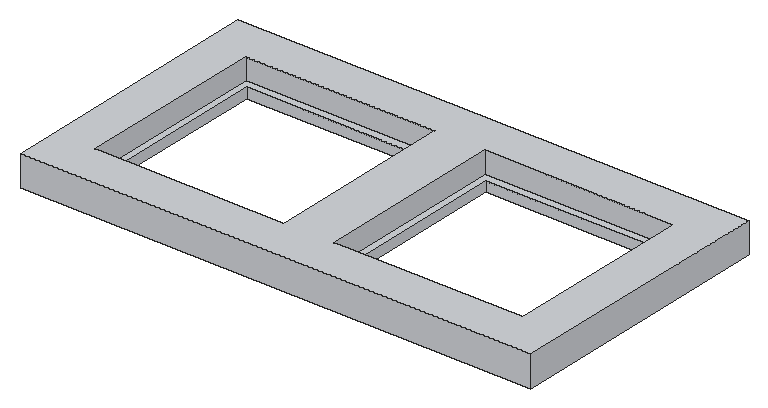
Revit family "Gira_021233", category Electrical Fixtures, host Face, Revit 2017
Family settings
  Host = Face
  Maintain Annotation Orientation = No
  Round Connector Dimension = Use Diameter
  Part Type = Normal
  Cut with Voids When Loaded = No
  Shared = No
  Room Calculation Point = No
Parameters (values of type "Cov.fr. 2-g Gira E2 stainl.steel")
  With mounting grid = "No"
  With hinged lid = "No"
  URL = "http://katalog.gira.de/en/datenblatt.html?artikelnr=021233"
  Type of fastening = "Clamp mounting"
  Transparent = "No"
  Surface protection = "Other"
  Suitable for wall duct = "No"
  Suitable for flush-mounted installation = "Yes"
  Suitable for floor box = "No"
  Suitable for built-in installation = "No"
  Number of units vertical = "2"
  Number of units horizontal = "2"
  Number of units = "2"
  Name = "Cov.fr. 2-g Gira E2 stainl.steel"
  Mounting direction = "Horizontal and vertical"
  Material quality = "Stainless steel"
  Material = "Metal"
  Manufacturer URL = "https://www.gira.de/"
  Manufacturer = "Gira"
  Label space/information surface = "No"
  Keynote = ""
  HeinzeBIM = "https://bimportal.heinze.de/bim/cov-fr-2-g-gira-e2-stainl-steel/f054c548d74bee6bb2a8a980224978280801ec39"
  Halogen free = "No"
  HAN = "021233"
  GTIN = "4010337019800"
  Description = "Cov.fr.2g E2 SST,Gira E2 cover frame,Stainless steel,2-gang,Notes :,- Also suitable for duct installation.,- In connection with the seal kit, frame (1-gang to 5-gang) is also suitable for installation as water-protected flush-mounted IP44."
  Degree of protection (IP) = "IP20"
  Default Elevation = 1219.2 mm
  Data sheet (1) = "https://katalog.gira.de/en/download.html?artikelnr=021233"
  Colour = "Stainless steel"
  Category = "Cover frame for domestic switching devices"
  BIM (1) = "https://media.stage.bim.site/public/gira/36a6b08/E2_Rahmen_2fach.rfa"
  Available = "No"
Reference planes
  plane 1 "Center (Front/Back)": y = 0
  plane 2: z = 0
  plane 3 "Center (Left/Right)": x = 0
Forms (mm)
  Extrusion 1, solid, detail levels fine
    sketch origin (0, 0, 0) x (1, 0, 0) y (0, 1, 0)
      loop
        line (75.95, 40.4) -> (-75.95, 40.4) -> (-75.95, -40.4) -> (75.95, -40.4) -> (75.95, 40.4)
      loop
        line (-63.702, 28.152) -> (-63.702, -28.152) -> (-7.398, -28.152) -> (-7.398, 28.152) -> (-63.702, 28.152)
      loop
        line (7.398, 28.152) -> (7.398, -28.152) -> (63.702, -28.152) -> (63.702, 28.152) -> (7.398, 28.152)
    from 0 to 9.3
  Extrusion 2, solid, detail levels fine
    sketch origin (-35.55, 0, 0) x (1, 0, 0) y (0, 1, 0)
      loop
        line (-28.152, -28.152) -> (28.152, -28.152) -> (28.152, 28.152) -> (-28.152, 28.152) -> (-28.152, -28.152)
      loop
        line (25.9, -25.7) -> (25.9, 25.7) -> (-25.9, 25.7) -> (-25.9, -25.7) -> (25.9, -25.7)
    from 0 to 3
  Extrusion 3, solid, detail levels coarse+medium
    sketch origin (0, 0, 0) x (1, 0, 0) y (0, 1, 0)
      loop
        line (75.95, 40.4) -> (-75.95, 40.4) -> (-75.95, -40.4) -> (75.95, -40.4) -> (75.95, 40.4)
    from 0 to 9.3
  Extrusion 4, solid, detail levels fine
    sketch origin (35.55, -0.047, 0) x (1, 0, 0) y (0, 1, 0)
      loop
        line (-28.152, -28.106) -> (28.152, -28.106) -> (28.152, 28.199) -> (-28.152, 28.199) -> (-28.152, -28.106)
      loop
        line (25.9, -25.653) -> (25.9, 25.747) -> (-25.9, 25.747) -> (-25.9, -25.653) -> (25.9, -25.653)
    from 0 to 3
Dimensions and locks
  aligned and locked: plane 2 to host face
  aligned and locked: level to host face
